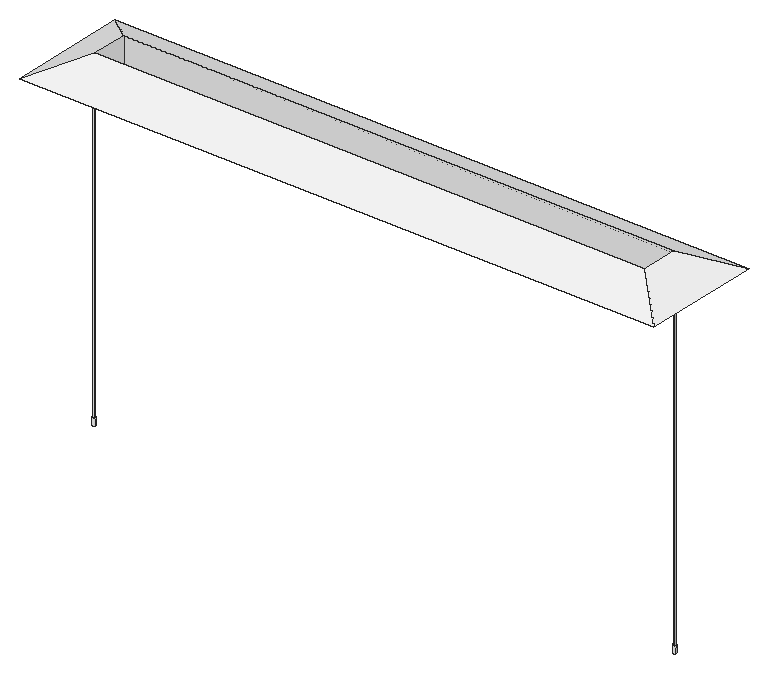
Revit family "Knife-P", category Lighting Fixtures, host Face, Revit 2014
Parameters (values of type "Knife-P-04")
  Wattage = 2.5 W
  Warranty = "5-Years Warranty"
  built-in parameter 1150110 = 1 (stored number, unit not read)
  Voltage = 120 V
  Uplight distribution = "Standard/Low Peak Angle"  # constant formula
  Type Comments = "Lighting Fixture"  # constant formula
  built-in parameter 1114217 = 1 (stored number, unit not read)
  Tilt Angle = -90.00°
  built-in parameter 1150109 = 1 (stored number, unit not read)
  built-in parameter 1150134 = (empty or 0)
  built-in parameter 1150113 = 1 (stored number, unit not read)
  Product Page URL = "https://www.hubbell.com/litecontrol/en/Products/Lighting-Controls/Commercial-Indoor-Lighting/Pendant-Lighting/Knife-LED-Pendant-IndirectDirect/p/277634"
  Product Documentation Link = "https://hubbellcdn.com/specsheet/11l_p.pdf"
  Power Factor = 1
  Photometric Web File = "11L-P-ID-LPA-04-SOF-Cx-35K-I025-D015.ies"
  Photometric Notes = "More IES files download on Photometric Link"  # constant formula
  Photometric Link = "https://www.hubbell.com/litecontrol/en/Products/Lighting-Controls/Commercial-Indoor-Lighting/Pendant-Lighting/Knife-LED-Pendant-IndirectDirect/p/277634"
  Pendant Height [instance] = 2' - 0"
  zz Length 1 = 4' - 0"
  Wattage Comments = ""
  URL = "https://www.hubbell.com/litecontrol/en/"
  Mounting = "Pendant"  # constant formula
  Model = "Knife-11L"  # constant formula
  Manufacturer = "Litecontrol Lighting"  # constant formula
  built-in parameter 1150105 = 23.674 (stored number, unit not read)
  Lumens = 297.5 lm
  built-in parameter 1150115 = 1 (stored number, unit not read)
  Load Classification = Lighting
  built-in parameter 1150137 = (empty or 0)
  built-in parameter 1150139 = (empty or 0)
  built-in parameter 1150112 = 1 (stored number, unit not read)
  built-in parameter 1150114 = 1 (stored number, unit not read)
  Lamp = "LED"  # constant formula
  built-in parameter 1150132 = (empty or 0)
  built-in parameter 1150102 = (empty or 0)
  built-in parameter 1150107 = 3500 (stored number, unit not read)
  built-in parameter 1150138 = (empty or 0)
  built-in parameter 1150106 = 0.23674 (stored number, unit not read)
  Glass = Glass - Hubbell - White
  Fixture Distribution = "Indirect/Direct"  # constant formula
  Emit from Rectangle Width = zz Length 1 - 0' 6"  # 3' - 6"
  Emit from Rectangle Length = 0' - 2 1/2"  # constant formula
  Emit Shape Visible in Rendering = no
  built-in parameter 1150104 = 11.055 (stored number, unit not read)
  Downlight Diffuser = "Soft Glow Lens/Blade Baffle with Overlay"  # constant formula
  Dimming Lamp Color Temperature Shift = <None>
  Description = "Knife LED Pendant Indirect/Direct"  # constant formula
  Default Elevation = 4' - 0"
  Create Date = "05/22/2018"  # constant formula
  Copyright = "Copyright © 2018 Litecontrol"  # constant formula
  Contact Us = "https://www.hubbell.com/litecontrol/en/contactUs"
  Color Filter = 16777215
  built-in parameter 1114218 = 1 (stored number, unit not read)
  Housing Material = Paint - Hubbell - Matte White
  built-in parameter 1150133 = 10 (stored number, unit not read)
  Assembly Code = "D5020200"
  Apparent Load = 0 VA
Types (5): name | zz Length 1 | Emit from Rectangle Width
  (no name) | 4' - 0" | 3' - 6"
  Knife-P-04 | 4' - 0" | 3' - 6"
  Knife-P-03 | 3' - 0" | 2' - 6"
  Knife-P-06 | 6' - 0" | 5' - 6"
  Knife-P-08 | 8' - 0" | 7' - 6"
Reference planes (in)
  plane 1 "Center (Front/Back)": y = 13.01342
  plane 2: z = 0
  plane 3 "Center (Left/Right)": x = 0
  plane 4: z = 24
  plane 5: x = -24
  plane 6: x = 24
  plane 7: x = -22
  plane 8: x = 22
  plane 9: z = 0.5
  plane 10: z = 25
Forms (in)
  Revolve 1, solid, material "Paint - Hubbell - Matte White" <- "Housing Material"
    sketch origin (-5.75, 13.01342, 0) x (-1, 0, 0) y (0, 0, 1)
      loop
        line (-27.75, 24.125) -> (-27.75, 0) -> (-27.625, 0) -> (-27.625, 0.5) -> (-27.6875, 0.5) -> (-27.6875, 23.5) -> (-27.625, 23.5) -> (-27.625, 24.125) -> (-27.75, 24.125)
      axis (-27.75, 24.125) -> (-27.75, 0)
    angle from 0 to 360
  Revolve 2, solid, material "Paint - Hubbell - Matte White" <- "Housing Material"
    sketch origin (5.75, 13.01342, 0) x (1, 0, 0) y (0, 0, 1)
      loop
        line (-27.75, 24.125) -> (-27.75, 0) -> (-27.625, 0) -> (-27.625, 0.5) -> (-27.6875, 0.5) -> (-27.6875, 23.5) -> (-27.625, 23.5) -> (-27.625, 24.125) -> (-27.75, 24.125)
      axis (-27.75, 24.125) -> (-27.75, 0)
    angle from 0 to 360
Dimensions and locks (in)
  "Pendant Height": plane 4 to level
  equal spacing: plane 6, plane 3 "Center (Left/Right)", plane 5
  "zz Length 1": plane 6 to plane 5
  locked: plane 9 to plane 2 at 0.5
  locked: plane 7 to plane 5 at 2
  locked: plane 6 to plane 8 at 2
  locked: plane 10 to plane 4 at 1
  aligned and locked: plane 2 to host face
  aligned and locked: level to host face
  aligned and locked: Revolve 1 sketch curve to Revolve 1 sketch curve
  aligned and locked: Revolve 1 sketch curve to plane 8
  aligned and locked: Revolve 1 sketch curve to level
  aligned and locked: plane 3 "Center (Left/Right)" to nested 1
  aligned and locked: plane 1 "Center (Front/Back)" to nested 1
  aligned and locked: Revolve 2 sketch curve to Revolve 2 sketch curve
  aligned and locked: plane 9 to Revolve 2
  aligned and locked: Revolve 1 to plane 9
  aligned and locked: plane 10 to imposter light
  aligned and locked: plane 3 "Center (Left/Right)" to imposter light
  aligned and locked: nested 1 to Revolve 2
  aligned and locked: nested 1 to Revolve 1 sketch curve
Automatic sketch dimensions
  host sketch curve to host sketch curve = 8' - 0"  (x2)
  Revolve 2 sketch curve to plane 7 = 0' - 0"
  plane 9 to Revolve 2 sketch curve = 0' - 0"
  Revolve 2 sketch curve to level = 0' - 0"
  plane 4 to Revolve 2 sketch curve = 0' - 0 1/8"
  plane 7 to Revolve 2 sketch curve = 0' - 0 1/16"
  plane 7 to Revolve 2 sketch curve = 0' - 0 1/8"
  Revolve 2 sketch curve to Revolve 2 sketch curve = 0' - 0 1/16"
  plane 9 to Revolve 2 sketch curve = 0' - 0.66777"
  Revolve 2 sketch curve to Revolve 2 sketch curve = 0' - 9.83778"
  Revolve 2 sketch curve to plane 4 = 0' - 0 1/2"
  Revolve 1 sketch curve to plane 9 = 0' - 0"
  plane 8 to Revolve 1 sketch curve = 0' - 0 1/16"
  plane 8 to Revolve 1 sketch curve = 0' - 0 1/8"
  Revolve 1 sketch curve to Revolve 1 sketch curve = 0' - 0 1/16"
  plane 4 to Revolve 1 sketch curve = 0' - 0 1/2"
  Revolve 1 sketch curve to plane 9 = 0' - 0.66777"
  Revolve 1 sketch curve to Revolve 1 sketch curve = 0' - 9.83778"
Nested families (in)
  nested 1: "L11 Light" at (-0.01104, 12.97343, 24), Glass <- "Glass", Backbox <- "Housing Material", Length <- "zz Length 1", type "L11 Light"
    with Length 4' - 0", Glass Glass - Hubbell - White, Backbox Paint - Hubbell - Matte White
Connectors (in)
  electrical at (0, 13.01342, 24.125), driven by "Load Classification", driven by "Voltage", driven by "Apparent Load", driven by "Power Factor"
    settings: on nested 1, index 1, voltage 120 V, apparent load 0 VA, apparent load phase1 0 VA, apparent load phase2 0 VA, apparent load phase3 0 VA, power factor 1, load classification "Lighting", number of poles 1, system type 30, power factor state 1, is connector primary yes, connector utility no, sub classification motor no, connector description "Electrical Connector"
Definition of nested family "L11 Light"
  Parameters (values of type "L11 Light")
    Wattage Comments = ""
    URL = ""
    Model = ""
    Manufacturer = ""
    Length [instance] = 3' - 0"
    Lamp = ""
    Glass [instance] = none
    Description = ""
    Default Elevation = 4' - 0"
    Backbox [instance] = none
    Apparent Load = 0 VA
  Reference planes (in)
    plane 1 "Center (Front/Back)": y = 0.03999
    plane 2: z = 0
    plane 3 "Center (Left/Right)": x = 0.01104
    plane 4: z = 2.25
    plane 5: z = 2.125
    plane 6: x = -17.98896
    plane 7: x = 18.01104
    plane 8: y = 4.53999
    plane 9: y = -4.46001
    plane 10: y = 1.41499
    plane 11: y = -1.33501
    plane 12: z = 0.125
  Forms (in)
    Extrusion 1, solid
      sketch origin (0, 0, 0.06357) x (1, 0, 0) y (0, 1, 0)
        loop
          line (-48, 48) -> (-48, -48) -> (48, -48) -> (48, 48) -> (-48, 48)
      from -0.06357 to -12.81105
    Extrusion 2, solid, material <- "Glass"
      sketch origin (-23.78896, 8.13374, 2) x (0, -1, 0) y (1, 0, 0)
        loop
          line (6.71875, 8.925) -> (9.46875, 8.925) -> (9.46875, 38.675) -> (6.71875, 38.675) -> (6.71875, 8.925)
      from 0.125 to -1.875
    Sweep 3, solid, material <- "Backbox"
      path origin (0, 0, 0) x (1, 0, 0) y (0, 1, 0)
        loop
          line (-17.98896, 4.53999) -> (-17.98896, -4.46001) -> (18.01104, -4.46001) -> (18.01104, 4.53999) -> (-17.98896, 4.53999)
      profile origin (0.01104, 4.53999, 0) x (0, 1, 0) y (0, 0, 1)
        loop
          line (-3.125, 0.125) -> (-1.6681, 0.125) -> (-1.6681, 0) -> (-1.57549, 0) -> (-0.11115, 0.81651) -> (0, 0.81651) -> (-3.125, 2.25) -> (-3.125, 0.125)
  Dimensions and locks (in)
    locked: plane 4 to Extrusion 1 at 2.25
    locked: plane 4 to plane 5 at 0.125
    "Length": plane 7 to plane 6
    equal spacing: plane 7, plane 3 "Center (Left/Right)", plane 6
    locked: plane 8 to plane 9 at 9
    equal spacing: plane 8, plane 1 "Center (Front/Back)", plane 9
    locked: plane 12 to Extrusion 1 at 0.125
    locked: plane 10 to plane 11 at 2.75
    equal spacing: plane 10, plane 1 "Center (Front/Back)", plane 11
    aligned and locked: plane 2 to Extrusion 1
    aligned and locked: plane 10 to Extrusion 2 sketch curve
    aligned and locked: plane 11 to Extrusion 2 sketch curve
    aligned and locked: plane 6 to Sweep 3 sketch curve
    aligned and locked: Sweep 3 sketch curve to plane 7
    aligned and locked: plane 8 to Sweep 3 sketch curve
    aligned and locked: plane 9 to Sweep 3 sketch curve
    aligned and locked: Extrusion 2 to Sweep 3  (x2)
    aligned and locked: plane 5 to Extrusion 2
    aligned and locked: Extrusion 2 to plane 12
  Automatic sketch dimensions
    Extrusion 1 sketch curve to Extrusion 1 sketch curve = 8' - 0"  (x2)
    plane 6 to Extrusion 2 sketch curve = 0' - 3 1/8"
    Extrusion 2 sketch curve to plane 7 = 0' - 3 1/8"
    Sweep 3 sketch curve to level = 0' - 0"
    Sweep 3 sketch curve to profile plane = 0' - 0"
    level to Sweep 3 sketch curve = 0' - 0 1/8"
    profile plane to Sweep 3 sketch curve = 0' - 1.6681"
    Sweep 3 sketch curve to Sweep 3 sketch curve = 0' - 1.4569"
    level to Sweep 3 sketch curve = 0' - 0.81651"
    Sweep 3 sketch curve to Sweep 3 sketch curve = 0' - 2 1/8"
    Sweep 3 sketch curve to Sweep 3 sketch curve = 0' - 0.11115"
    Sweep 3 sketch curve to Sweep 3 sketch curve = 0' - 0.09261"
